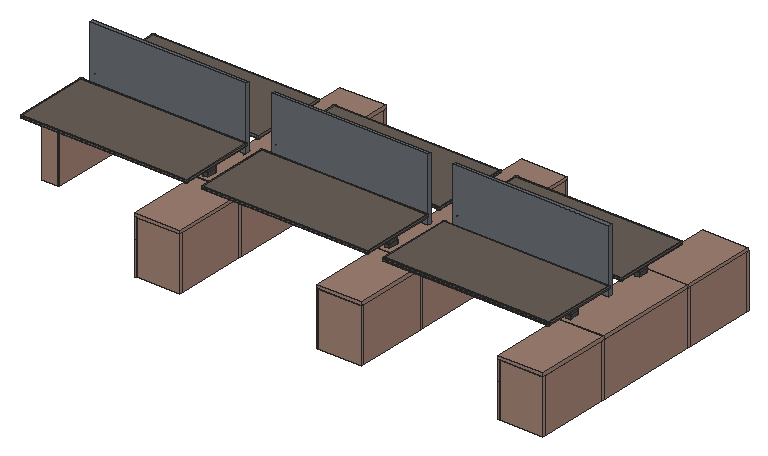
Revit family "T200198", category Furniture, Revit 2015 (continued)
Definition of nested family "STAKS HEIGHT ADJUSTABLE WORK GROUP CABINET Double Sided Dual User"
  Automatic sketch dimensions
    Extrusion 10 sketch curve to plane 16 = 0.00"
    Extrusion 10 sketch curve to plane 14 = 2.00"
    Extrusion 10 sketch curve to plane 16 = 0.125"  (x2)
    Extrusion 10 sketch curve to Extrusion 10 sketch curve = 3.50"
    Extrusion 10 sketch curve to Extrusion 10 sketch curve = 0.00"
    Extrusion 10 sketch curve to Extrusion 10 sketch curve = 0.125"
    Extrusion 11 sketch curve to plane 14 = 0.1875"
    Extrusion 11 sketch curve to plane 16 = 3.625"
    Extrusion 11 sketch curve to plane 16 = 0.1875"  (x2)
    Extrusion 11 sketch curve to plane 14 = 1.875"
    Extrusion 11 sketch curve to Extrusion 11 sketch curve = 0.0625"  (x3)
    Revolve 12 sketch curve to level = 0.00"
    plane 16 to Revolve 12 sketch curve = 0.00"
    Revolve 12 sketch curve to plane 12 = 0.00"  (x2)
    level to Revolve 12 sketch curve = 0.12502"
    Revolve 12 sketch curve to Revolve 12 sketch curve = 0.06202"
    Revolve 12 sketch curve to Revolve 12 sketch curve = 0.12498"
    Revolve 12 sketch curve to plane 16 = 0.188"  (x2)
    plane 12 to Revolve 12 sketch curve = 0.25"
    Revolve 13 sketch curve to level = 0.00"
    plane 15 to Revolve 13 sketch curve = 0.00"
    Revolve 13 sketch curve to plane 12 = 0.00"  (x2)
    level to Revolve 13 sketch curve = 0.25"
    Revolve 13 sketch curve to Revolve 13 sketch curve = 0.06202"
    Revolve 13 sketch curve to Revolve 13 sketch curve = 0.12498"
    plane 15 to Revolve 13 sketch curve = 0.188"  (x2)
    plane 12 to Revolve 13 sketch curve = 0.25"
    plane 14 to Extrusion 14 sketch curve = 0.00"
    Extrusion 14 sketch curve to plane 15 = 0.00"
    Extrusion 14 sketch curve to plane 14 = 0.125"
    plane 15 to Extrusion 14 sketch curve = 0.125"
    Extrusion 14 sketch curve to Extrusion 14 sketch curve = 3.50"
    Extrusion 14 sketch curve to Extrusion 14 sketch curve = 0.00"
    Extrusion 14 sketch curve to Extrusion 14 sketch curve = 0.125"
    Extrusion 14 sketch curve to Extrusion 14 sketch curve = 1.75"
    Extrusion 15 sketch curve to plane 14 = 0.1875"
    plane 15 to Extrusion 15 sketch curve = 3.625"
    Extrusion 15 sketch curve to plane 14 = 0.125"
    Extrusion 15 sketch curve to Extrusion 15 sketch curve = 0.0625"  (x2)
    plane 15 to Extrusion 15 sketch curve = 0.1875"  (x2)
    Extrusion 15 sketch curve to Extrusion 15 sketch curve = 1.625"
    Extrusion 16 sketch curve to plane 16 = 0.00"  (x2)
    plane 17 to Extrusion 16 sketch curve = 3.375"
    plane 16 to Extrusion 16 sketch curve = 0.125"
    Extrusion 16 sketch curve to plane 14 = 2.125"
    Extrusion 16 sketch curve to Extrusion 16 sketch curve = 3.75"  (x2)
    Extrusion 16 sketch curve to Extrusion 16 sketch curve = 0.125"
    Blend 17 sketch curve to plane 16 = 0.125"
    plane 17 to Blend 17 sketch curve = 2.125"
    Blend 17 sketch curve to Blend 17 sketch curve = 0.125"  (x4)
    Blend 17 sketch curve to Blend 17 sketch curve = 3.25"
    Blend 17 sketch curve to Blend 17 sketch curve = 0.00"
    Blend 17 sketch curve to plane 14 = 1.75"
    Blend 17 sketch curve to plane 16 = 0.00"  (x2)
    plane 17 to Blend 17 sketch curve = 3.375"
    plane 16 to Blend 17 sketch curve = 0.125"
    Blend 17 sketch curve to Blend 17 sketch curve = 3.75"  (x2)
    Blend 17 sketch curve to plane 14 = 2.00"
    Extrusion 18 sketch curve to plane 15 = 0.00"  (x2)
    Extrusion 18 sketch curve to plane 17 = 3.375"
    plane 15 to Extrusion 18 sketch curve = 0.125"
    plane 14 to Extrusion 18 sketch curve = 2.125"
    Extrusion 18 sketch curve to Extrusion 18 sketch curve = 3.75"  (x2)
    Extrusion 18 sketch curve to Extrusion 18 sketch curve = 0.125"
    Blend 19 sketch curve to plane 15 = 0.125"
    Blend 19 sketch curve to plane 17 = 2.125"
    Blend 19 sketch curve to Blend 19 sketch curve = 0.125"  (x4)
    Blend 19 sketch curve to Blend 19 sketch curve = 3.25"
    Blend 19 sketch curve to Blend 19 sketch curve = 0.00"
    plane 14 to Blend 19 sketch curve = 1.75"
    Blend 19 sketch curve to plane 15 = 0.00"  (x2)
    Blend 19 sketch curve to plane 17 = 3.375"
    plane 15 to Blend 19 sketch curve = 0.125"
    Blend 19 sketch curve to Blend 19 sketch curve = 3.75"  (x2)
    plane 14 to Blend 19 sketch curve = 2.00"
    Extrusion 20 sketch curve to plane 16 = 0.00"
    Extrusion 20 sketch curve to plane 16 = 0.125"  (x2)
    Extrusion 20 sketch curve to plane 18 = 0.75"
    Extrusion 20 sketch curve to Extrusion 20 sketch curve = 3.75"
    Extrusion 20 sketch curve to Extrusion 20 sketch curve = 0.00"
    Extrusion 20 sketch curve to Extrusion 20 sketch curve = 0.125"
    Extrusion 20 sketch curve to Extrusion 20 sketch curve = 1.75"
    Extrusion 21 sketch curve to plane 18 = 0.9375"
    Extrusion 21 sketch curve to plane 16 = 3.875"
    Extrusion 21 sketch curve to plane 18 = 0.875"
    Extrusion 21 sketch curve to Extrusion 21 sketch curve = 0.0625"  (x2)
    Extrusion 21 sketch curve to plane 16 = 0.1875"  (x2)
    Extrusion 21 sketch curve to Extrusion 21 sketch curve = 1.625"
    Revolve 22 sketch curve to level = 0.00"
    plane 16 to Revolve 22 sketch curve = 0.00"
    Revolve 22 sketch curve to plane 12 = 0.00"  (x2)
    level to Revolve 22 sketch curve = 0.25"
    Revolve 22 sketch curve to Revolve 22 sketch curve = 0.06202"
    Revolve 22 sketch curve to Revolve 22 sketch curve = 0.12498"
    Revolve 22 sketch curve to plane 16 = 0.188"  (x2)
    plane 12 to Revolve 22 sketch curve = 0.25"
    Revolve 23 sketch curve to level = 0.00"
    plane 15 to Revolve 23 sketch curve = 0.00"
    Revolve 23 sketch curve to plane 12 = 0.00"  (x2)
    level to Revolve 23 sketch curve = 0.12502"
    Revolve 23 sketch curve to plane 15 = 0.06202"
    Revolve 23 sketch curve to Revolve 23 sketch curve = 0.12498"
    plane 15 to Revolve 23 sketch curve = 0.188"  (x2)
    plane 12 to Revolve 23 sketch curve = 0.25"
    Extrusion 24 sketch curve to plane 15 = 0.00"
    Extrusion 24 sketch curve to plane 18 = 2.75"
    plane 15 to Extrusion 24 sketch curve = 0.125"  (x2)
    Extrusion 24 sketch curve to Extrusion 24 sketch curve = 3.50"
    Extrusion 24 sketch curve to plane 18 = 0.75"
    Extrusion 24 sketch curve to Extrusion 24 sketch curve = 0.00"
    Extrusion 24 sketch curve to Extrusion 24 sketch curve = 0.125"
    Extrusion 25 sketch curve to plane 18 = 0.9375"
    plane 15 to Extrusion 25 sketch curve = 3.625"
    plane 15 to Extrusion 25 sketch curve = 0.1875"  (x2)
    Extrusion 25 sketch curve to plane 18 = 2.625"
    Extrusion 25 sketch curve to Extrusion 25 sketch curve = 0.0625"  (x3)
    Extrusion 26 sketch curve to plane 16 = 0.00"  (x2)
    plane 1 "Center Front/Back" to Extrusion 26 sketch curve = 3.375"
    Extrusion 26 sketch curve to plane 16 = 0.125"
    Extrusion 26 sketch curve to Extrusion 26 sketch curve = 4.00"  (x2)
    Extrusion 26 sketch curve to Extrusion 26 sketch curve = 0.125"
    plane 18 to Extrusion 26 sketch curve = 2.75"
    plane 16 to Blend 27 sketch curve = 0.125"
    plane 1 "Center Front/Back" to Blend 27 sketch curve = 2.125"
    Blend 27 sketch curve to Blend 27 sketch curve = 0.125"  (x4)
    Blend 27 sketch curve to Blend 27 sketch curve = 3.50"
    Blend 27 sketch curve to Blend 27 sketch curve = 0.00"
    plane 18 to Blend 27 sketch curve = 2.50"
    Blend 27 sketch curve to plane 16 = 0.00"  (x2)
    plane 1 "Center Front/Back" to Blend 27 sketch curve = 3.375"
    Blend 27 sketch curve to plane 16 = 0.125"
    Blend 27 sketch curve to Blend 27 sketch curve = 4.00"  (x2)
    plane 18 to Blend 27 sketch curve = 2.75"
    Extrusion 28 sketch curve to plane 15 = 0.00"  (x2)
    Extrusion 28 sketch curve to plane 1 "Center Front/Back" = 3.375"
    Extrusion 28 sketch curve to Extrusion 28 sketch curve = 0.125"  (x2)
    Extrusion 28 sketch curve to Extrusion 28 sketch curve = 3.75"
    plane 15 to Extrusion 28 sketch curve = 3.75"
    Extrusion 28 sketch curve to plane 18 = 2.75"
    plane 15 to Blend 29 sketch curve = 0.125"
    Blend 29 sketch curve to plane 1 "Center Front/Back" = 2.125"
    Blend 29 sketch curve to Blend 29 sketch curve = 0.125"  (x4)
    Blend 29 sketch curve to Blend 29 sketch curve = 3.25"
    Blend 29 sketch curve to Blend 29 sketch curve = 0.00"
    Blend 29 sketch curve to plane 18 = 2.50"
    Blend 29 sketch curve to plane 15 = 0.00"  (x2)
    Blend 29 sketch curve to plane 1 "Center Front/Back" = 3.375"
    Blend 29 sketch curve to plane 15 = 0.125"
    Blend 29 sketch curve to Blend 29 sketch curve = 3.75"
    plane 15 to Blend 29 sketch curve = 3.75"
    Blend 29 sketch curve to plane 18 = 2.75"
Definition of nested family "STAKS FABRIC PRIVACY PANEL Tackable"
  Parameters (values of type "STAKS FABRIC PRIVACY PANEL Tackable for 66in Worksurfaces")
    Width = 64.00"
    URL = "http://www.ofs.com/"
    Height from Floor = 22.75"
    Height = 25.25"
    Model = "6-6425PP"
    Manufacturer = "OFS"
    Description = "OFS STAKS FABRIC PRIVACY PANEL Tackable Fabric Covered Panel For Use with 66\" Worksurfaces"
    Depth = 1.4375"
    Copyright © = "© 2018 OFS"
    Catalog = "https://ofs.com/products/open-plan/benching/staks"
    Authoring Version = "Autodesk Revit Architecture 2013"
    Assembly Code = "E2020200"
    Surface Material = none
  Types (5): name | Width | Model | Description
    (no name) | 64.00" | "6-6425PP" | "OFS STAKS FABRIC PRIVACY PANEL Tackable Fabric Covered Panel For Use with 66\" Worksurfaces"
    STAKS FABRIC PRIVACY PANEL Tackable for 54in Worksurfaces | 52.00" | "6-5225PP" | "OFS STAKS FABRIC PRIVACY PANEL Tackable Fabric Covered Panel For Use with 54\" Worksurfaces"
    STAKS FABRIC PRIVACY PANEL Tackable for 60in Worksurfaces | 58.00" | "6-5825PP" | "OFS STAKS FABRIC PRIVACY PANEL Tackable Fabric Covered Panel For Use with 60\" Worksurfaces"
    STAKS FABRIC PRIVACY PANEL Tackable for 66in Worksurfaces | 64.00" | "6-6425PP" | "OFS STAKS FABRIC PRIVACY PANEL Tackable Fabric Covered Panel For Use with 66\" Worksurfaces"
    STAKS FABRIC PRIVACY PANEL Tackable for 72in Worksurfaces | 70.00" | "6-7025PP" | "OFS STAKS FABRIC PRIVACY PANEL Tackable Fabric Covered Panel For Use with 72\" Worksurfaces"
  Reference planes (in)
    plane 1 "Center (Front/Back)": y = 0
    plane 2: z = 0
    plane 3 "Center (Left/Right)": x = 0
    plane 4: x = 32
    plane 5: x = -32
    plane 6: y = 0.71875
    plane 7: y = -0.71875
    plane 8: z = 22.75
    plane 9: z = 48
  Forms (in)
    Extrusion 1, solid, material <- "Surface Material"
      sketch origin (3.56329, 81.33771, 7) x (-1, 0, 0) y (0, -1, 0)
        loop
          line (35.56329, 80.61896) -> (35.56329, 82.05646) -> (-28.43671, 82.05646) -> (-28.43671, 80.61896) -> (35.56329, 80.61896)
      from 41 to 15.75
  Lines and regions (in)
    symbolic lines
      curve 1: line (-32, 0.71875, 0) -> (32, 0.71875, 0)
      curve 2: line (-32, -0.71875, 0) -> (-32, 0.71875, 0)
      curve 3: line (32, -0.71875, 0) -> (-32, -0.71875, 0)
      curve 4: line (32, 0.71875, 0) -> (32, -0.71875, 0)
  Dimensions and locks (in)
    equal spacing: plane 5, plane 3 "Center (Left/Right)", plane 4
    "Width": plane 5 to plane 4
    "Depth": plane 6 to plane 7
    equal spacing: plane 7, plane 1 "Center (Front/Back)", plane 6
    "Height": plane 9 to plane 8
    "Height from Floor": plane 8 to level
    aligned and locked: level to plane 2
    aligned and locked: plane 5 to Extrusion 1 sketch curve
    aligned and locked: Extrusion 1 sketch curve to plane 7
    aligned and locked: Extrusion 1 sketch curve to plane 6
    aligned and locked: Extrusion 1 sketch curve to plane 4
    aligned and locked: plane 9 to Extrusion 1
    aligned and locked: Extrusion 1 to plane 8
    aligned and locked: curve 2 to plane 5
    aligned and locked: curve 1 to Extrusion 1
    aligned and locked: curve 3 to Extrusion 1
    aligned and locked: curve 4 to plane 4
Definition of nested family "STAKS HEIGHT ADJUSTABLE WORKSURFACE"
  Parameters (values of type "STAKS HEIGHT ADJUSTABLE WORKSURFACE 66x30")
    Width = 66.00"
    Veneer Material = none
    URL = "http://www.ofs.com/"
    PVC Edge [instance] = not([3D Laminate])  # yes
    Height [instance] = 21.00"
    Edge Material = none
    Model = "6-6630HAWS"
    Manufacturer = "OFS"
    Description = "OFS STAKS HEIGHT ADJUSTABLE WORKSURFACE, 66\" Width x 30\" Depth Long Grain, Includes Height Adjustable Control, Switch and Cables"
    Depth = 30.00"
    Copyright © = "© 2018 OFS"
    Catalog = "https://ofs.com/products/open-plan/benching/staks"
    Authoring Version = "Autodesk Revit Architecture 2013"
    Assembly Code = "E2020200"
    3D Laminate Material = none
    3D Laminate [instance] = no
  Types (5): name | Width | Model | Description
    (no name) | 66.00" | "6-6630HAWS" | "OFS STAKS HEIGHT ADJUSTABLE WORKSURFACE, 66\" Width x 30\" Depth Long Grain, Includes Height Adjustable Control, Switch and Cables"
    STAKS HEIGHT ADJUSTABLE WORKSURFACE 54x30 | 54.00" | "6-5430HAWS" | "OFS STAKS HEIGHT ADJUSTABLE WORKSURFACE, 54\" Width x 30\" Depth Long Grain, Includes Height Adjustable Control, Switch and Cables"
    STAKS HEIGHT ADJUSTABLE WORKSURFACE 60x30 | 60.00" | "6-6030HAWS" | "OFS STAKS HEIGHT ADJUSTABLE WORKSURFACE, 60\" Width x 30\" Depth Long Grain, Includes Height Adjustable Control, Switch and Cables"
    STAKS HEIGHT ADJUSTABLE WORKSURFACE 66x30 | 66.00" | "6-6630HAWS" | "OFS STAKS HEIGHT ADJUSTABLE WORKSURFACE, 66\" Width x 30\" Depth Long Grain, Includes Height Adjustable Control, Switch and Cables"
    STAKS HEIGHT ADJUSTABLE WORKSURFACE 72x30 | 72.00" | "6-7230HAWS" | "OFS STAKS HEIGHT ADJUSTABLE WORKSURFACE, 72\" Width x 30\" Depth Long Grain, Includes Height Adjustable Control, Switch and Cables"
  Reference planes (in)
    plane 1 "Center (Front/Back)": y = 0
    plane 2: z = 0
    plane 3 "Center (Left/Right)": x = 0
    plane 4: x = 33
    plane 5: x = -33
    plane 6: y = 15
    plane 7: y = -15
    plane 8: z = 19.875
    plane 9: z = 21
  Forms (in)
    Extrusion 1, solid, material <- "3D Laminate Material", visible <- "3D Laminate"
      sketch origin (3.56329, 81.33771, 7) x (-1, 0, 0) y (0, -1, 0)
        loop
          line (36.56329, 66.33771) -> (36.56329, 96.33771) -> (-29.43671, 96.33771) -> (-29.43671, 66.33771) -> (36.56329, 66.33771)
      from 14 to 12.875
    Extrusion 2, solid, material <- "Veneer Material", visible <- "PVC Edge"
      sketch origin (3.56329, 81.33771, 3.5) x (-1, 0, 0) y (0, -1, 0)
        loop
          line (36.43829, 66.46271) -> (36.43829, 96.21271) -> (-29.31171, 96.21271) -> (-29.31171, 66.46271) -> (36.43829, 66.46271)
      from 17.5 to 16.375
    Sweep 3, solid, material <- "Edge Material", visible <- "PVC Edge"
      path origin (31.86692, 60.25439, 21) x (0, 1, 0) y (-1, 0, 0)
        loop
          line (-45.25439, 64.86692) -> (-75.25439, 64.86692) -> (-75.25439, -1.13308) -> (-45.25439, -1.13308) -> (-45.25439, 64.86692)
      profile origin (-33, 0, 21) x (1, 0, 0) y (0, 0, 1)
        loop
          arc (0, -1) -> (0.03661, -1.08839) -> (0.125, -1.125) r 0.125
          line (0.125, -1.125) -> (0.125, 0)
          arc (0.125, 0) -> (0.03661, -0.03661) -> (0, -0.125) r 0.125
          line (0, -0.125) -> (0, -1)
  Dimensions and locks (in)
    equal spacing: plane 5, plane 3 "Center (Left/Right)", plane 4
    "Width": plane 5 to plane 4
    "Depth": plane 6 to plane 7
    equal spacing: plane 7, plane 1 "Center (Front/Back)", plane 6
    locked: plane 9 to plane 8 at 1.125
    "Height": plane 9 to level
    aligned and locked: level to plane 2
    aligned and locked: Sweep 3 sketch curve to plane 5
    aligned and locked: Sweep 3 sketch curve to plane 6
    aligned and locked: Sweep 3 sketch curve to plane 7
    aligned and locked: Sweep 3 sketch curve to plane 4
    aligned and locked: Extrusion 2 sketch curve to Sweep 3  (x4)
    aligned and locked: Extrusion 1 sketch curve to plane 5
    aligned and locked: Extrusion 1 sketch curve to plane 7
    aligned and locked: Extrusion 1 sketch curve to plane 6
    aligned and locked: Extrusion 1 sketch curve to plane 4
    aligned and locked: plane 9 to Extrusion 1
    aligned and locked: plane 9 to Extrusion 2
    aligned and locked: plane 9 to Sweep 3
    aligned and locked: Extrusion 1 to plane 8
    aligned and locked: Extrusion 2 to plane 8
  Automatic sketch dimensions
    profile plane to Sweep 3 sketch curve = 0.00"
    Sweep 3 sketch curve to profile plane = 0.00"
    Sweep 3 sketch curve to profile plane = 0.125"
    Sweep 3 sketch curve to profile plane = 1.125"
Definition of nested family "STAKS CROSS RAIL BASIC POWER Double Sided Three Circuit"
  Parameters (values of type "STAKS CROSS RAIL BASIC POWER Double Sided Three Circuit 54in")
    Width = 48.00"
    URL = "http://www.ofs.com/"
    Surface Material = none
    Power Block Material = none
    Power Block Casing Material = none
    Model = "6-54PRB-4"
    Metal Conduit Material = none
    Manufacturer = "OFS"
    Height = 5.25"
    Duplex Receptacle Material = none
    Description = "OFS STAKS CROSS RAIL BASIC POWER for Use with 54\" Double Sided Height Adjustable Cabinets & Panel Bases, Three Circuit"
    Depth = 6.00"
    Copyright © = "© 2018 OFS"
    Catalog = "https://ofs.com/products/open-plan/benching/staks"
    Bracket Material = none
    Authoring Version = "Autodesk Revit Architecture 2013"
    Assembly Code = "E2020200"
  Types (5): name | Width | Model | Description
    (no name) | 48.00" | "6-54PRB-4" | "OFS STAKS CROSS RAIL BASIC POWER for Use with 54\" Double Sided Height Adjustable Cabinets & Panel Bases, Three Circuit"
    STAKS CROSS RAIL BASIC POWER Double Sided Three Circuit 54in | 48.00" | "6-54PRB-4" | "OFS STAKS CROSS RAIL BASIC POWER for Use with 54\" Double Sided Height Adjustable Cabinets & Panel Bases, Three Circuit"
    STAKS CROSS RAIL BASIC POWER Double Sided Three Circuit 60in | 54.00" | "6-60PRB-4" | "OFS STAKS CROSS RAIL BASIC POWER for Use with 60\" Double Sided Height Adjustable Cabinets & Panel Bases, Three Circuit"
    STAKS CROSS RAIL BASIC POWER Double Sided Three Circuit 66in | 60.00" | "6-66PRB-4" | "OFS STAKS CROSS RAIL BASIC POWER for Use with 66\" Double Sided Height Adjustable Cabinets & Panel Bases, Three Circuit"
    STAKS CROSS RAIL BASIC POWER Double Sided Three Circuit 72in | 66.00" | "6-72PRB-4" | "OFS STAKS CROSS RAIL BASIC POWER for Use with 72\" Double Sided Height Adjustable Cabinets & Panel Bases, Three Circuit"
  Reference planes (in)
    plane 1 "Center (Front/Back)": y = 0
    plane 2: z = 0
    plane 3 "Center (Left/Right)": x = 0
    plane 4: z = 21.67035
    plane 5: z = 27.87507
    plane 6: x = -19.50147
    plane 7: x = -17.03389
    plane 8: x = -15.9687
    plane 9: x = -14.91102
    plane 10: x = -18.08898
    plane 11: x = -7.4956
    plane 12: x = -9.96318
    plane 13: x = -11.02837
    plane 14: x = -12.08605
    plane 15: x = -8.90809
    plane 16: x = -24
    plane 17: x = -3
    plane 18: x = -20.08661
    plane 19: z = 17.34957
    plane 20: x = -21.08661
    plane 21: x = -13.49853
    plane 22: x = -6.91045
    plane 23: x = -5.91045
    plane 24: x = 19.50147
    plane 25: x = 17.03389
    plane 26: x = 15.9687
    plane 27: x = 14.91102
    plane 28: x = 18.08898
    plane 29: x = 7.4956
    plane 30: x = 9.96318
    plane 31: x = 11.02837
    plane 32: x = 12.08605
    plane 33: x = 8.90809
    plane 34: x = 24
    plane 35: x = 3
    plane 36: x = 20.08661
    plane 37: x = 21.08661
    plane 38: x = 13.49853
    plane 39: x = 6.91045
    plane 40: x = 5.91045
    plane 41: x = 8.2456
    plane 42: x = -8.2456
    plane 43: x = 7.4956
    plane 44: x = -7.4956
    plane 45: x = -6.95298
    plane 46: x = -5.82454
    plane 47: x = -4.74522
    plane 48: x = 6.95298
    plane 49: x = 5.82454
    plane 50: x = 4.74522
    plane 51: y = 3
    plane 52: y = -3
    plane 53: y = 2
    plane 54: y = -2
    plane 55: z = 22.5
    plane 56: z = 21.75
    plane 57: z = 20.75
    plane 58: x = 0.5
    plane 59: x = -0.5
  Forms (in)
    Extrusion 1, solid, material <- "Power Block Material"
      sketch origin (-38.7456, 0, -7.21714) x (-1, 0, 0) y (0, 0, -1)
        loop
          line (-29.43829, -26.82737) -> (-27.05878, -26.82737)
          arc (-27.05878, -26.82737) -> (-26.91515, -26.76787) -> (-26.85565, -26.62424) r 0.20313
          line (-26.85565, -26.62424) -> (-26.85565, -26.53164)
          arc (-26.85565, -26.53164) -> (-26.71755, -26.47993) -> (-26.65956, -26.34434) r 0.1875
          line (-26.65956, -26.34434) -> (-26.65956, -25.86145)
          arc (-26.65956, -25.86145) -> (-26.71755, -25.72587) -> (-26.85565, -25.67415) r 0.1875
          line (-26.85565, -25.67415) -> (-26.85565, -25.58155)
          arc (-26.85565, -25.58155) -> (-26.91515, -25.43792) -> (-27.05878, -25.37842) r 0.20313
          line (-27.05878, -25.37842) -> (-29.43829, -25.37842)
          arc (-29.43829, -25.37842) -> (-29.58192, -25.43792) -> (-29.64141, -25.58155) r 0.20313
          line (-29.64141, -25.58155) -> (-29.64141, -25.67415)
          arc (-29.64141, -25.67415) -> (-29.77952, -25.72587) -> (-29.83751, -25.86145) r 0.1875
          line (-29.83751, -25.86145) -> (-29.83751, -26.34434)
          arc (-29.83751, -26.34434) -> (-29.77952, -26.47993) -> (-29.64141, -26.53164) r 0.1875
          line (-29.64141, -26.53164) -> (-29.64141, -26.62424)
          arc (-29.64141, -26.62424) -> (-29.58192, -26.76787) -> (-29.43829, -26.82737) r 0.20313
        loop
          arc (-29.43829, -25.44092) -> (-29.53773, -25.48211) -> (-29.57891, -25.58155) r 0.14063
          line (-29.57891, -25.58155) -> (-29.57891, -25.68958)
          arc (-29.57891, -25.68958) -> (-29.59504, -25.72496) -> (-29.63257, -25.73768) r 0.04688
          arc (-29.63257, -25.73768) -> (-29.732, -25.7671) -> (-29.77501, -25.86145) r 0.125
          line (-29.77501, -25.86145) -> (-29.77501, -26.34434)
          arc (-29.77501, -26.34434) -> (-29.732, -26.43869) -> (-29.63233, -26.4698) r 0.125
          arc (-29.63233, -26.4698) -> (-29.59504, -26.48083) -> (-29.57891, -26.51622) r 0.04688
          line (-29.57891, -26.51622) -> (-29.57891, -26.62424)
          arc (-29.57891, -26.62424) -> (-29.53773, -26.72368) -> (-29.43829, -26.76487) r 0.14063
          line (-29.43829, -26.76487) -> (-27.05878, -26.76487)
          arc (-27.05878, -26.76487) -> (-26.95934, -26.72368) -> (-26.91815, -26.62424) r 0.14063
          line (-26.91815, -26.62424) -> (-26.91815, -26.51622)
          arc (-26.91815, -26.51622) -> (-26.90202, -26.48083) -> (-26.8645, -26.46812) r 0.04688
          arc (-26.8645, -26.46812) -> (-26.76507, -26.43869) -> (-26.72206, -26.34434) r 0.125
          line (-26.72206, -26.34434) -> (-26.72206, -25.86145)
          arc (-26.72206, -25.86145) -> (-26.76507, -25.7671) -> (-26.86474, -25.73599) r 0.125
          arc (-26.86474, -25.73599) -> (-26.90202, -25.72496) -> (-26.91815, -25.68958) r 0.04688
          line (-26.91815, -25.68958) -> (-26.91815, -25.58155)
          arc (-26.91815, -25.58155) -> (-26.95934, -25.48211) -> (-27.05878, -25.44092) r 0.14063
          line (-27.05878, -25.44092) -> (-29.43829, -25.44092)
      from -0.39166 to 0.39063
    Extrusion 2, solid, material <- "Power Block Material"
      sketch origin (-38.7456, 0, -7.21714) x (-1, 0, 0) y (0, 0, -1)
        loop
          circle (-28.24853, -26.1029) r 0.0625
      from -0.74219 to 0.74219
    Extrusion 3, solid, material <- "Power Block Material"
      sketch origin (-38.7456, 0, -7.21714) x (0, 1, 0) y (0, 0, -1)
        loop
          line (0.1644, -27.50689) -> (0.6465, -27.24063)
          arc (0.6465, -27.24063) -> (0.73054, -27.04793) -> (0.56603, -26.91703) r 0.17257
          line (0.56603, -26.91703) -> (0, -26.90734) -> (-0.56603, -26.91703)
          arc (-0.56603, -26.91703) -> (-0.73054, -27.04793) -> (-0.6465, -27.24063) r 0.17257
          line (-0.6465, -27.24063) -> (-0.1644, -27.50689) -> (-0.10561, -27.41333) -> (-0.61836, -27.21311)
          arc (-0.61836, -27.21311) -> (-0.67504, -27.11429) -> (-0.59061, -27.03781) r 0.09084
          line (-0.59061, -27.03781) -> (0, -27.00335) -> (0.59061, -27.03781)
          arc (0.59061, -27.03781) -> (0.67504, -27.11429) -> (0.61836, -27.21311) r 0.09084
          line (0.61836, -27.21311) -> (0.10561, -27.41333) -> (0.1644, -27.50689)
      from -28.78242 to -27.71724
    Extrusion 4, solid, material <- "Power Block Material"
      sketch origin (-38.7456, 0, -7.21714) x (-1, 0, 0) y (0, 0, -1)
        loop
          arc (-29.72129, -27.26478) -> (-29.65664, -27.20013) -> (-29.72129, -27.13548) r 0.06465
          line (-29.72129, -27.13548) -> (-30.0026, -27.13548) -> (-30.0026, -26.98885) -> (-29.57923, -26.98885)
          arc (-29.57923, -26.98885) -> (-29.52695, -26.93658) -> (-29.57923, -26.8843) r 0.05228
          line (-29.57923, -26.8843) -> (-30.17424, -26.8843)
          arc (-30.17424, -26.8843) -> (-30.20204, -26.89741) -> (-30.20961, -26.92721) r 0.03604
          line (-30.20961, -26.92721) -> (-30.1526, -27.22052)
          arc (-30.1526, -27.22052) -> (-30.1337, -27.25229) -> (-30.0989, -27.26478) r 0.05471
          line (-30.0989, -27.26478) -> (-29.72129, -27.26478)
      from -0.64167 to 0.64063
    Extrusion 5, solid, material <- "Power Block Material"
      sketch origin (-26.74594, 0, -7.21714) x (1, 0, 0) y (0, 0, 1)
        loop
          line (14.77871, 27.26478) -> (14.4011, 27.26478)
          arc (14.4011, 27.26478) -> (14.3663, 27.25229) -> (14.3474, 27.22052) r 0.05471
          line (14.3474, 27.22052) -> (14.29039, 26.92721)
          arc (14.29039, 26.92721) -> (14.29796, 26.89741) -> (14.32576, 26.8843) r 0.03604
          line (14.32576, 26.8843) -> (14.92077, 26.8843)
          arc (14.92077, 26.8843) -> (14.97305, 26.93658) -> (14.92077, 26.98885) r 0.05228
          line (14.92077, 26.98885) -> (14.4974, 26.98885) -> (14.4974, 27.13548) -> (14.77871, 27.13548)
          arc (14.77871, 27.13548) -> (14.84336, 27.20013) -> (14.77871, 27.26478) r 0.06465
      from -0.64167 to 0.64063
    Extrusion 6, solid, material <- "Power Block Material"
      sketch origin (-44.74552, 0, -7.21714) x (-1, 0, 0) y (0, 0, -1)
        loop
          line (-36.878, -27.11384) -> (-36.70792, -26.1029) -> (-36.878, -25.09195) -> (-37.24991, -25.09195) -> (-37.24991, -27.11384) -> (-36.878, -27.11384)
      from -0.31166 to 0.3125
    Extrusion 7, solid, material <- "Power Block Material"
      sketch origin (-8.74862, 0, -7.21714) x (1, 0, 0) y (0, 0, 1)
        loop
          line (-4.378, 27.11384) -> (-4.74991, 27.11384) -> (-4.74991, 25.09195) -> (-4.378, 25.09195) -> (-4.20792, 26.1029) -> (-4.378, 27.11384)
      from -0.31166 to 0.3125
    Extrusion 8, solid, material <- "Power Block Material"
      sketch origin (-26.74707, 0, -7.21714) x (-1, 0, 0) y (0, 0, -1)
        loop
          line (-18.19584, -25.14782) -> (-18.28839, -25.56074) -> (-19.25147, -25.56074) -> (-19.25147, -26.64509) -> (-18.30793, -26.64509) -> (-18.19637, -27.0029) -> (-14.30363, -27.0029) -> (-14.19207, -26.64509) -> (-13.24853, -26.64509) -> (-13.24853, -25.56074) -> (-14.21161, -25.56074) -> (-14.30416, -25.14782) -> (-18.19584, -25.14782)
      from -0.22266 to 0.22334
    Extrusion 9, solid, material <- "Bracket Material"
      sketch origin (-29.75, 0, -4) x (1, 0, 0) y (0, 0, 1)
        loop
          arc (20.5925, 24.54741) -> (20.55649, 24.63434) -> (20.46956, 24.67035) r 0.12294
          line (20.46956, 24.67035) -> (18.03044, 24.67035)
          arc (18.03044, 24.67035) -> (17.94351, 24.63434) -> (17.9075, 24.54741) r 0.12294
          line (17.9075, 24.54741) -> (17.9075, 23.89535) -> (17.51946, 23.89535) -> (17.51946, 23.79535) -> (17.88796, 23.79535)
          arc (17.88796, 23.79535) -> (17.97259, 23.8304) -> (18.00764, 23.91503) r 0.11968
          line (18.00764, 23.91503) -> (18.00764, 24.57035) -> (20.49236, 24.57035) -> (20.49236, 23.91503)
          arc (20.49236, 23.91503) -> (20.52741, 23.8304) -> (20.61204, 23.79535) r 0.11968
          line (20.61204, 23.79535) -> (20.98054, 23.79535) -> (20.98054, 23.89535) -> (20.5925, 23.89535) -> (20.5925, 24.54741)
      from -0.5 to 0.5
    Extrusion 10, solid, material <- "Power Block Material"
      sketch origin (38.7456, 0, -7.21714) x (1, 0, 0) y (0, 0, 1)
        loop
          arc (-29.43829, 26.82737) -> (-29.58192, 26.76787) -> (-29.64141, 26.62424) r 0.20313
          line (-29.64141, 26.62424) -> (-29.64141, 26.53164)
          arc (-29.64141, 26.53164) -> (-29.77952, 26.47993) -> (-29.83751, 26.34434) r 0.1875
          line (-29.83751, 26.34434) -> (-29.83751, 25.86145)
          arc (-29.83751, 25.86145) -> (-29.77952, 25.72587) -> (-29.64141, 25.67415) r 0.1875
          line (-29.64141, 25.67415) -> (-29.64141, 25.58155)
          arc (-29.64141, 25.58155) -> (-29.58192, 25.43792) -> (-29.43829, 25.37842) r 0.20313
          line (-29.43829, 25.37842) -> (-27.05878, 25.37842)
          arc (-27.05878, 25.37842) -> (-26.91515, 25.43792) -> (-26.85565, 25.58155) r 0.20313
          line (-26.85565, 25.58155) -> (-26.85565, 25.67415)
          arc (-26.85565, 25.67415) -> (-26.71755, 25.72587) -> (-26.65956, 25.86145) r 0.1875
          line (-26.65956, 25.86145) -> (-26.65956, 26.34434)
          arc (-26.65956, 26.34434) -> (-26.71755, 26.47993) -> (-26.85565, 26.53164) r 0.1875
          line (-26.85565, 26.53164) -> (-26.85565, 26.62424)
          arc (-26.85565, 26.62424) -> (-26.91515, 26.76787) -> (-27.05878, 26.82737) r 0.20313
          line (-27.05878, 26.82737) -> (-29.43829, 26.82737)
        loop
          line (-29.43829, 25.44092) -> (-27.05878, 25.44092)
          arc (-27.05878, 25.44092) -> (-26.95934, 25.48211) -> (-26.91815, 25.58155) r 0.14063
          line (-26.91815, 25.58155) -> (-26.91815, 25.68958)
          arc (-26.91815, 25.68958) -> (-26.90202, 25.72496) -> (-26.86474, 25.73599) r 0.04688
          arc (-26.86474, 25.73599) -> (-26.76507, 25.7671) -> (-26.72206, 25.86145) r 0.125
          line (-26.72206, 25.86145) -> (-26.72206, 26.34434)
          arc (-26.72206, 26.34434) -> (-26.76507, 26.43869) -> (-26.8645, 26.46812) r 0.125
          arc (-26.8645, 26.46812) -> (-26.90202, 26.48083) -> (-26.91815, 26.51622) r 0.04688
          line (-26.91815, 26.51622) -> (-26.91815, 26.62424)
          arc (-26.91815, 26.62424) -> (-26.95934, 26.72368) -> (-27.05878, 26.76487) r 0.14063
          line (-27.05878, 26.76487) -> (-29.43829, 26.76487)
          arc (-29.43829, 26.76487) -> (-29.53773, 26.72368) -> (-29.57891, 26.62424) r 0.14063
          line (-29.57891, 26.62424) -> (-29.57891, 26.51622)
          arc (-29.57891, 26.51622) -> (-29.59504, 26.48083) -> (-29.63233, 26.4698) r 0.04688
          arc (-29.63233, 26.4698) -> (-29.732, 26.43869) -> (-29.77501, 26.34434) r 0.125
          line (-29.77501, 26.34434) -> (-29.77501, 25.86145)
          arc (-29.77501, 25.86145) -> (-29.732, 25.7671) -> (-29.63257, 25.73768) r 0.125
          arc (-29.63257, 25.73768) -> (-29.59504, 25.72496) -> (-29.57891, 25.68958) r 0.04688
          line (-29.57891, 25.68958) -> (-29.57891, 25.58155)
          arc (-29.57891, 25.58155) -> (-29.53773, 25.48211) -> (-29.43829, 25.44092) r 0.14063
      from -0.39166 to 0.39063
    Extrusion 11, solid, material <- "Power Block Material"
      sketch origin (38.7456, 0, -7.21714) x (1, 0, 0) y (0, 0, 1)
        loop
          circle (-28.24853, 26.1029) r 0.0625
      from -0.74219 to 0.74219
    Extrusion 12, solid, material <- "Power Block Material"
      sketch origin (38.7456, 0, -7.21714) x (0, 1, 0) y (0, 0, 1)
        loop
          line (0.1644, 27.50689) -> (0.10561, 27.41333) -> (0.61836, 27.21311)
          arc (0.61836, 27.21311) -> (0.67504, 27.11429) -> (0.59061, 27.03781) r 0.09084
          line (0.59061, 27.03781) -> (0, 27.00335) -> (-0.59061, 27.03781)
          arc (-0.59061, 27.03781) -> (-0.67504, 27.11429) -> (-0.61836, 27.21311) r 0.09084
          line (-0.61836, 27.21311) -> (-0.10561, 27.41333) -> (-0.1644, 27.50689) -> (-0.6465, 27.24063)
          arc (-0.6465, 27.24063) -> (-0.73054, 27.04793) -> (-0.56603, 26.91703) r 0.17257
          line (-0.56603, 26.91703) -> (0, 26.90734) -> (0.56603, 26.91703)
          arc (0.56603, 26.91703) -> (0.73054, 27.04793) -> (0.6465, 27.24063) r 0.17257
          line (0.6465, 27.24063) -> (0.1644, 27.50689)
      from -28.78242 to -27.71724
    Extrusion 13, solid, material <- "Power Block Material"
      sketch origin (38.7456, 0, -7.21714) x (1, 0, 0) y (0, 0, 1)
        loop
          line (-29.72129, 27.26478) -> (-30.0989, 27.26478)
          arc (-30.0989, 27.26478) -> (-30.1337, 27.25229) -> (-30.1526, 27.22052) r 0.05471
          line (-30.1526, 27.22052) -> (-30.20961, 26.92721)
          arc (-30.20961, 26.92721) -> (-30.20204, 26.89741) -> (-30.17424, 26.8843) r 0.03604
          line (-30.17424, 26.8843) -> (-29.57923, 26.8843)
          arc (-29.57923, 26.8843) -> (-29.52695, 26.93658) -> (-29.57923, 26.98885) r 0.05228
          line (-29.57923, 26.98885) -> (-30.0026, 26.98885) -> (-30.0026, 27.13548) -> (-29.72129, 27.13548)
          arc (-29.72129, 27.13548) -> (-29.65664, 27.20013) -> (-29.72129, 27.26478) r 0.06465
      from -0.64167 to 0.64063
    Extrusion 14, solid, material <- "Power Block Material"
      sketch origin (26.74594, 0, -7.21714) x (-1, 0, 0) y (0, 0, -1)
        loop
          arc (14.77871, -27.26478) -> (14.84336, -27.20013) -> (14.77871, -27.13548) r 0.06465
          line (14.77871, -27.13548) -> (14.4974, -27.13548) -> (14.4974, -26.98885) -> (14.92077, -26.98885)
          arc (14.92077, -26.98885) -> (14.97305, -26.93658) -> (14.92077, -26.8843) r 0.05228
          line (14.92077, -26.8843) -> (14.32576, -26.8843)
          arc (14.32576, -26.8843) -> (14.29796, -26.89741) -> (14.29039, -26.92721) r 0.03604
          line (14.29039, -26.92721) -> (14.3474, -27.22052)
          arc (14.3474, -27.22052) -> (14.3663, -27.25229) -> (14.4011, -27.26478) r 0.05471
          line (14.4011, -27.26478) -> (14.77871, -27.26478)
      from -0.64167 to 0.64063
    Extrusion 15, solid, material <- "Power Block Material"
      sketch origin (44.74552, 0, -7.21714) x (1, 0, 0) y (0, 0, 1)
        loop
          line (-36.878, 27.11384) -> (-37.24991, 27.11384) -> (-37.24991, 25.09195) -> (-36.878, 25.09195) -> (-36.70792, 26.1029) -> (-36.878, 27.11384)
      from -0.31166 to 0.3125
    Extrusion 16, solid, material <- "Power Block Material"
      sketch origin (8.74862, 0, -7.21714) x (-1, 0, 0) y (0, 0, -1)
        loop
          line (-4.378, -27.11384) -> (-4.20792, -26.1029) -> (-4.378, -25.09195) -> (-4.74991, -25.09195) -> (-4.74991, -27.11384) -> (-4.378, -27.11384)
      from -0.31166 to 0.3125
    Extrusion 17, solid, material <- "Power Block Material"
      sketch origin (26.74707, 0, -7.21714) x (1, 0, 0) y (0, 0, 1)
        loop
          line (-18.19584, 25.14782) -> (-14.30416, 25.14782) -> (-14.21161, 25.56074) -> (-13.24853, 25.56074) -> (-13.24853, 26.64509) -> (-14.19207, 26.64509) -> (-14.30363, 27.0029) -> (-18.19637, 27.0029) -> (-18.30793, 26.64509) -> (-19.25147, 26.64509) -> (-19.25147, 25.56074) -> (-18.28839, 25.56074) -> (-18.19584, 25.14782)
      from -0.22266 to 0.22334
    Extrusion 18, solid, material <- "Bracket Material"
      sketch origin (29.75, 0, -4) x (-1, 0, 0) y (0, 0, -1)
        loop
          line (20.5925, -24.54741) -> (20.5925, -23.89535) -> (20.98054, -23.89535) -> (20.98054, -23.79535) -> (20.61204, -23.79535)
          arc (20.61204, -23.79535) -> (20.52741, -23.8304) -> (20.49236, -23.91503) r 0.11968
          line (20.49236, -23.91503) -> (20.49236, -24.57035) -> (18.00764, -24.57035) -> (18.00764, -23.91503)
          arc (18.00764, -23.91503) -> (17.97259, -23.8304) -> (17.88796, -23.79535) r 0.11968
          line (17.88796, -23.79535) -> (17.51946, -23.79535) -> (17.51946, -23.89535) -> (17.9075, -23.89535) -> (17.9075, -24.54741)
          arc (17.9075, -24.54741) -> (17.94351, -24.63434) -> (18.03044, -24.67035) r 0.12294
          line (18.03044, -24.67035) -> (20.46956, -24.67035)
          arc (20.46956, -24.67035) -> (20.55649, -24.63434) -> (20.5925, -24.54741) r 0.12294
      from -0.5 to 0.5
    Extrusion 19, solid, material <- "Duplex Receptacle Material"
      sketch origin (0, 0, -7.21633) x (1, 0, 0) y (0, 0, 1)
        loop
          line (-7.1328, 27.11305) -> (-7.4956, 27.11305) -> (-7.4956, 25.09116) -> (-7.1328, 25.09116)
          arc (-7.1328, 25.09116) -> (-6.95294, 26.10211) -> (-7.1328, 27.11305) r 2.93108
      from -0.3125 to 0.3125
    Extrusion 20, solid, material <- "Duplex Receptacle Material"
      sketch origin (0, 0, -7.21633) x (1, 0, 0) y (0, 0, 1)
        loop
          line (-4.9204, 27.11305) -> (-5.64994, 27.11305)
          arc (-5.64994, 27.11305) -> (-5.70183, 26.10211) -> (-5.64994, 25.09116) r 9.87253
          line (-5.64994, 25.09116) -> (-4.9204, 25.09116)
          arc (-4.9204, 25.09116) -> (-4.74522, 26.10211) -> (-4.9204, 27.11305) r 3.00461
      from -0.375 to 0.375
    Extrusion 21, solid, material <- "Metal Conduit Material"
      sketch origin (0, 0, -7.21633) x (1, 0, 0) y (0, 0, 1)
        loop
          line (-7.9956, 26.66461) -> (-7.9956, 26.47711) -> (-7.4956, 26.47711) -> (-7.4956, 26.66461) -> (-7.9956, 26.66461)
        loop
          line (-7.9956, 26.43023) -> (-7.9956, 26.24273) -> (-7.4956, 26.24273) -> (-7.4956, 26.43023) -> (-7.9956, 26.43023)
        loop
          line (-7.9956, 26.19586) -> (-7.9956, 26.00836) -> (-7.4956, 26.00836) -> (-7.4956, 26.19586) -> (-7.9956, 26.19586)
        loop
          line (-7.9956, 25.96148) -> (-7.9956, 25.77398) -> (-7.4956, 25.77398) -> (-7.4956, 25.96148) -> (-7.9956, 25.96148)
        loop
          line (-7.9956, 25.72711) -> (-7.9956, 25.53961) -> (-7.4956, 25.53961) -> (-7.4956, 25.72711) -> (-7.9956, 25.72711)
        loop
          line (-8.2456, 26.78961) -> (-7.4956, 26.78961) -> (-7.4956, 26.85211) -> (-7.9956, 26.85211) -> (-7.9956, 26.91461)
          arc (-7.9956, 26.91461) -> (-8.13244, 26.87579) -> (-8.2456, 26.78961) r 0.38203
        loop
          arc (-8.2456, 25.41461) -> (-8.13244, 25.32842) -> (-7.9956, 25.28961) r 0.38203
          line (-7.9956, 25.28961) -> (-7.9956, 25.35211) -> (-7.4956, 25.35211) -> (-7.4956, 25.41461) -> (-8.2456, 25.41461)
      from -0.1875 to 0.1875
    Extrusion 22, solid, material <- "Duplex Receptacle Material"
      sketch origin (0, 0, -7.21633) x (1, 0, 0) y (0, 0, 1)
        loop
          line (-5.67511, 27.03961) -> (-7.10692, 27.03961)
          arc (-7.10692, 27.03961) -> (-6.95294, 26.10211) -> (-7.10692, 25.16461) r 2.93108
          line (-7.10692, 25.16461) -> (-5.67511, 25.16461)
          arc (-5.67511, 25.16461) -> (-5.71965, 26.10211) -> (-5.67511, 27.03961) r 9.89034
      from -0.21875 to 0.21875
    Extrusion 23, solid, material <- "Duplex Receptacle Material"
      sketch origin (0, 0, -7.21633) x (-1, 0, 0) y (0, 0, -1)
        loop
          arc (-7.1328, -27.11305) -> (-6.95294, -26.10211) -> (-7.1328, -25.09116) r 2.93108
          line (-7.1328, -25.09116) -> (-7.4956, -25.09116) -> (-7.4956, -27.11305) -> (-7.1328, -27.11305)
      from -0.3125 to 0.3125
    Extrusion 24, solid, material <- "Duplex Receptacle Material"
      sketch origin (0, 0, -7.21633) x (-1, 0, 0) y (0, 0, -1)
        loop
          arc (-4.9204, -27.11305) -> (-4.74522, -26.10211) -> (-4.9204, -25.09116) r 3.00461
          line (-4.9204, -25.09116) -> (-5.64994, -25.09116)
          arc (-5.64994, -25.09116) -> (-5.70183, -26.10211) -> (-5.64994, -27.11305) r 9.87253
          line (-5.64994, -27.11305) -> (-4.9204, -27.11305)
      from -0.375 to 0.375
    Extrusion 25, solid, material <- "Metal Conduit Material"
      sketch origin (0, 0, -7.21633) x (-1, 0, 0) y (0, 0, -1)
        loop
          line (-7.9956, -26.66461) -> (-7.4956, -26.66461) -> (-7.4956, -26.47711) -> (-7.9956, -26.47711) -> (-7.9956, -26.66461)
        loop
          line (-7.9956, -26.43023) -> (-7.4956, -26.43023) -> (-7.4956, -26.24273) -> (-7.9956, -26.24273) -> (-7.9956, -26.43023)
        loop
          line (-7.9956, -26.19586) -> (-7.4956, -26.19586) -> (-7.4956, -26.00836) -> (-7.9956, -26.00836) -> (-7.9956, -26.19586)
        loop
          line (-7.9956, -25.96148) -> (-7.4956, -25.96148) -> (-7.4956, -25.77398) -> (-7.9956, -25.77398) -> (-7.9956, -25.96148)
        loop
          line (-7.9956, -25.72711) -> (-7.4956, -25.72711) -> (-7.4956, -25.53961) -> (-7.9956, -25.53961) -> (-7.9956, -25.72711)
        loop
          arc (-8.2456, -26.78961) -> (-8.13244, -26.87579) -> (-7.9956, -26.91461) r 0.38203
          line (-7.9956, -26.91461) -> (-7.9956, -26.85211) -> (-7.4956, -26.85211) -> (-7.4956, -26.78961) -> (-8.2456, -26.78961)
        loop
          line (-8.2456, -25.41461) -> (-7.4956, -25.41461) -> (-7.4956, -25.35211) -> (-7.9956, -25.35211) -> (-7.9956, -25.28961)
          arc (-7.9956, -25.28961) -> (-8.13244, -25.32842) -> (-8.2456, -25.41461) r 0.38203
      from -0.1875 to 0.1875
    Extrusion 26, solid, material <- "Duplex Receptacle Material"
      sketch origin (0, 0, -7.21633) x (-1, 0, 0) y (0, 0, -1)
        loop
          arc (-5.67511, -27.03961) -> (-5.71965, -26.10211) -> (-5.67511, -25.16461) r 9.89034
          line (-5.67511, -25.16461) -> (-7.10692, -25.16461)
          arc (-7.10692, -25.16461) -> (-6.95294, -26.10211) -> (-7.10692, -27.03961) r 2.93108
          line (-7.10692, -27.03961) -> (-5.67511, -27.03961)
      from -0.21875 to 0.21875
    Extrusion 27, solid, material <- "Metal Conduit Material"
      sketch origin (0, 0, -7.21633) x (0, 1, 0) y (0, 0, 1)
        loop
          spline (0, 25.62489) -> (0.05662, 25.64115) -> (0.10938, 25.68882) -> (0.15468, 25.76466) -> (0.18944, 25.8635) -> (0.2113, 25.97859) -> (0.21875, 26.10211) -> (0.2113, 26.22562) -> (0.18944, 26.34072) -> (0.15468, 26.43955) -> (0.10938, 26.51539) -> (0.05662, 26.56307) -> (0, 26.57933)
          spline (0, 26.57933) -> (-0.05662, 26.56307) -> (-0.10937, 26.51539) -> (-0.15468, 26.43955) -> (-0.18944, 26.34072) -> (-0.2113, 26.22562) -> (-0.21875, 26.10211) -> (-0.2113, 25.97859) -> (-0.18944, 25.8635) -> (-0.15468, 25.76466) -> (-0.10937, 25.68882) -> (-0.05662, 25.64115) -> (0, 25.62489)
      from -4.74522 to 4.74522
    Extrusion 28, solid, material <- "Bracket Material"
      sketch origin (-50.50488, -2.60899, -4) x (-1, 0, 0) y (0, -1, 0)
        loop
          line (-41.45406, -1.76899) -> (-41.56407, -1.76899)
          arc (-41.56407, -1.76899) -> (-41.69842, -1.82464) -> (-41.75407, -1.95899) r 0.19
          line (-41.75407, -1.95899) -> (-41.75407, -3.25899)
          arc (-41.75407, -3.25899) -> (-41.69842, -3.39334) -> (-41.56407, -3.44899) r 0.19
          line (-41.56407, -3.44899) -> (-41.45406, -3.44899) -> (-41.45406, -1.76899)
      from 23.79535 to 23.89535
    Extrusion 29, solid, material <- "Bracket Material"
      sketch origin (3.51075, -2.60899, -4) x (1, 0, 0) y (0, 1, 0)
        loop
          line (-15.45406, 1.76899) -> (-15.45406, 3.44899) -> (-15.56407, 3.44899)
          arc (-15.56407, 3.44899) -> (-15.69842, 3.39334) -> (-15.75407, 3.25899) r 0.19
          line (-15.75407, 3.25899) -> (-15.75407, 1.95899)
          arc (-15.75407, 1.95899) -> (-15.69842, 1.82464) -> (-15.56407, 1.76899) r 0.19
          line (-15.56407, 1.76899) -> (-15.45406, 1.76899)
      from 23.79535 to 23.89535
    Extrusion 30, void
      sketch origin (-50.49707, 0.175, -4) x (-1, 0, 0) y (0, -1, 0)
        loop
          line (-40.53389, 0) -> (-39.4687, 0)
          arc (-39.4687, 0) -> (-39.38031, 0.03661) -> (-39.3437, 0.125) r 0.125
          line (-39.3437, 0.125) -> (-39.3437, 0.82853) -> (-40.65889, 0.82853) -> (-40.65889, 0.125)
          arc (-40.65889, 0.125) -> (-40.62228, 0.03661) -> (-40.53389, 0) r 0.125
      from 24.43427 to 24.79317
    Extrusion 31, solid, material <- "Bracket Material"
      sketch origin (39.50552, 0, -4) x (0, 1, 0) y (0, 0, -1)
        loop
          line (0.05, -24.13481) -> (-0.05, -24.13481) -> (-0.05, -24.44535)
          arc (-0.05, -24.44535) -> (0.0159, -24.60445) -> (0.175, -24.67035) r 0.225
          line (0.175, -24.67035) -> (0.175, -24.57035)
          arc (0.175, -24.57035) -> (0.08661, -24.53374) -> (0.05, -24.44535) r 0.125
          line (0.05, -24.44535) -> (0.05, -24.13481)
      from 49.4687 to 50.53389
    Extrusion 32, solid, material <- "Bracket Material"
      sketch origin (50.50488, -2.60899, -4) x (1, 0, 0) y (0, 1, 0)
        loop
          line (-41.45406, 1.76899) -> (-41.45406, 3.44899) -> (-41.56407, 3.44899)
          arc (-41.56407, 3.44899) -> (-41.69842, 3.39334) -> (-41.75407, 3.25899) r 0.19
          line (-41.75407, 3.25899) -> (-41.75407, 1.95899)
          arc (-41.75407, 1.95899) -> (-41.69842, 1.82464) -> (-41.56407, 1.76899) r 0.19
          line (-41.56407, 1.76899) -> (-41.45406, 1.76899)
      from 23.79535 to 23.89535
    Extrusion 33, solid, material <- "Bracket Material"
      sketch origin (-3.51075, -2.60899, -4) x (-1, 0, 0) y (0, -1, 0)
        loop
          line (-15.45406, -1.76899) -> (-15.56407, -1.76899)
          arc (-15.56407, -1.76899) -> (-15.69842, -1.82464) -> (-15.75407, -1.95899) r 0.19
          line (-15.75407, -1.95899) -> (-15.75407, -3.25899)
          arc (-15.75407, -3.25899) -> (-15.69842, -3.39334) -> (-15.56407, -3.44899) r 0.19
          line (-15.56407, -3.44899) -> (-15.45406, -3.44899) -> (-15.45406, -1.76899)
      from 23.79535 to 23.89535
    Extrusion 34, void
      sketch origin (50.49707, 0.175, -4) x (1, 0, 0) y (0, 1, 0)
        loop
          arc (-40.53389, 0) -> (-40.62228, -0.03661) -> (-40.65889, -0.125) r 0.125
          line (-40.65889, -0.125) -> (-40.65889, -0.82853) -> (-39.3437, -0.82853) -> (-39.3437, -0.125)
          arc (-39.3437, -0.125) -> (-39.38031, -0.03661) -> (-39.4687, 0) r 0.125
          line (-39.4687, 0) -> (-40.53389, 0)
      from 24.43427 to 24.79317
    Extrusion 35, solid, material <- "Bracket Material"
      sketch origin (-39.50552, 0, -4) x (0, 1, 0) y (0, 0, 1)
        loop
          line (0.05, 24.13481) -> (0.05, 24.44535)
          arc (0.05, 24.44535) -> (0.08661, 24.53374) -> (0.175, 24.57035) r 0.125
          line (0.175, 24.57035) -> (0.175, 24.67035)
          arc (0.175, 24.67035) -> (0.0159, 24.60445) -> (-0.05, 24.44535) r 0.225
          line (-0.05, 24.44535) -> (-0.05, 24.13481) -> (0.05, 24.13481)
      from 49.4687 to 50.53389
    Extrusion 36, solid, material <- "Surface Material"
      sketch origin (0, 0, 0) x (1, 0, 0) y (0, 1, 0)
        loop
          line (-21.08661, 3) -> (-21.08661, -3) -> (21.08661, -3) -> (21.08661, 3) -> (-21.08661, 3)
      from 21.75 to 22.5
    Extrusion 37, solid, material <- "Bracket Material"
      sketch origin (0, 0, 0) x (0, 1, 0) y (0, 0, 1)
        loop
          line (0.79792, 20.75) -> (0.67292, 20.75) -> (0.67292, 18.36398) -> (-0.67292, 18.36398) -> (-0.67292, 20.75) -> (-0.79792, 20.75) -> (-0.79792, 18.23898) -> (0.79792, 18.23898) -> (0.79792, 20.75)
      from -0.5 to 0.5
    Extrusion 38, solid, material <- "Surface Material"
      sketch origin (0, 0, 0) x (0, 1, 0) y (0, 0, 1)
        loop
          line (2, 20.75) -> (2, 21.67035) -> (1.75, 21.67035) -> (1.75, 21.75) -> (-1.75, 21.75) -> (-1.75, 21.67035) -> (-2, 21.67035) -> (-2, 20.75) -> (2, 20.75)
      from -24 to 24
  Cuts and joins
    joined: Extrusion 10, Extrusion 11, Extrusion 12, Extrusion 13, Extrusion 14, Extrusion 15, Extrusion 16, Extrusion 17
    joined: Extrusion 1, Extrusion 2, Extrusion 3, Extrusion 4, Extrusion 5, Extrusion 7, Extrusion 8
    Extrusion 34 cuts Extrusion 18
    joined: Extrusion 18, Extrusion 32, Extrusion 33, Extrusion 35
    Extrusion 30 cuts Extrusion 9
    joined: Extrusion 9, Extrusion 28, Extrusion 29, Extrusion 31
  Dimensions and locks (in)
    locked: plane 16 to plane 17 at 21
    plane 16 to plane 20 to plane 18 to plane 6 to plane 10 to plane 7 to plane 8 to plane 9 to plane 21 to plane 14 to plane 13 to plane 12 to plane 15 to plane 11 to plane 22 to plane 23 to plane 17 = 2.91339", 1.00", 0.58515", 1.41249", 1.05509", 1.06519", 1.05768", 1.41249", 1.41249", 1.05768", 1.06519", 1.05509", 1.41249", 0.58515", 1.00", 2.91045"
    locked: plane 34 to plane 35 at 21
    plane 34 to plane 37 to plane 36 to plane 24 to plane 28 to plane 25 to plane 26 to plane 27 to plane 38 to plane 32 to plane 31 to plane 30 to plane 33 to plane 29 to plane 39 to plane 40 to plane 35 = 2.91339", 1.00", 0.58515", 1.41249", 1.05509", 1.06519", 1.05768", 1.41249", 1.41249", 1.05768", 1.06519", 1.05509", 1.41249", 0.58515", 1.00", 2.91045"
    equal spacing: plane 42, plane 3 "Center (Left/Right)", plane 41
    plane 42 to plane 44 to plane 45 to plane 46 to plane 47 = 0.75" locked, 0.54262" locked, 1.12844" locked, 1.07932" locked
    plane 50 to plane 49 to plane 48 to plane 43 to plane 41 = 1.07932" locked, 1.12844" locked, 0.54262" locked, 0.75" locked
    equal spacing: plane 16, plane 3 "Center (Left/Right)", plane 34
    "Width": plane 16 to plane 34
    equal spacing: plane 52, plane 1 "Center (Front/Back)", plane 51
    "Depth": plane 51 to plane 52
    plane 55 to level = 22.50"
    locked: plane 55 to plane 56 at 0.75
    locked: plane 56 to plane 57 at 1
    plane 57 to plane 19 = 3.40043"
    plane 59 to plane 3 "Center (Left/Right)" to plane 58 = 0.50" locked, 0.50" locked
    aligned and locked: level to plane 2
    aligned and locked: plane 12 to Extrusion 3
    aligned and locked: Extrusion 3 to plane 13
    aligned and locked: plane 11 to Extrusion 6
    aligned and locked: plane 21 to Extrusion 7
    aligned and locked: plane 30 to Extrusion 12
    aligned and locked: Extrusion 12 to plane 31
    aligned and locked: Extrusion 15 to plane 29
    aligned and locked: Extrusion 16 to plane 38
    aligned and locked: plane 47 to Extrusion 27
    aligned and locked: Extrusion 27 to plane 50
    aligned and locked: plane 11 to plane 44
    aligned and locked: plane 13 to cut or joined group of Extrusion 9, Extrusion 28, Extrusion 29, Extrusion 30, Extrusion 31
    aligned and locked: cut or joined group of Extrusion 9, Extrusion 28, Extrusion 29, Extrusion 30, Extrusion 31 to plane 12
    aligned and locked: cut or joined group of Extrusion 18, Extrusion 32, Extrusion 33, Extrusion 34, Extrusion 35 to plane 31
    aligned and locked: plane 30 to cut or joined group of Extrusion 18, Extrusion 32, Extrusion 33, Extrusion 34, Extrusion 35
    aligned and locked: plane 51 to Extrusion 36
    aligned and locked: Extrusion 36 to plane 20
    aligned and locked: plane 52 to Extrusion 36
    aligned and locked: Extrusion 36 to plane 37
    aligned and locked: Extrusion 36 to plane 56
    aligned and locked: plane 55 to Extrusion 36
    aligned and locked: Extrusion 38 sketch curve to plane 56
    aligned and locked: plane 54 to Extrusion 38 sketch curve
    aligned and locked: plane 53 to Extrusion 38 sketch curve
    aligned and locked: Extrusion 38 sketch curve to plane 4  (x2)
    aligned and locked: Extrusion 38 sketch curve to plane 57
    aligned and locked: plane 16 to Extrusion 38
    aligned and locked: Extrusion 38 to plane 34
    aligned and locked: plane 58 to Extrusion 37
    aligned and locked: plane 59 to Extrusion 37
  Automatic sketch dimensions
    Extrusion 1 sketch curve to Extrusion 1 sketch curve = 0.00"  (x16)
    Extrusion 1 sketch curve to plane 15 = 0.00"
    Extrusion 1 sketch curve to plane 14 = 0.00"
    plane 14 to Extrusion 1 sketch curve = 0.39922"  (x2)
    plane 4 to Extrusion 1 sketch curve = 2.06012"
    Extrusion 1 sketch curve to Extrusion 1 sketch curve = 0.0625"  (x3)
    Extrusion 1 sketch curve to plane 15 = 0.1961"  (x2)
    Extrusion 1 sketch curve to Extrusion 1 sketch curve = 0.14063"
    Extrusion 1 sketch curve to Extrusion 1 sketch curve = 0.14062"  (x3)
    plane 14 to Extrusion 1 sketch curve = 0.0625"
    Extrusion 1 sketch curve to Extrusion 1 sketch curve = 0.125"  (x3)
    Extrusion 1 sketch curve to Extrusion 1 sketch curve = 0.00885"  (x2)
    Extrusion 1 sketch curve to Extrusion 1 sketch curve = 0.00024"  (x4)
    Extrusion 1 sketch curve to Extrusion 1 sketch curve = 0.01562"  (x3)
    Extrusion 1 sketch curve to Extrusion 1 sketch curve = 0.01563"
    Extrusion 1 sketch curve to Extrusion 1 sketch curve = 0.00654"  (x2)
    Extrusion 1 sketch curve to Extrusion 1 sketch curve = 0.01744"
    Extrusion 1 sketch curve to Extrusion 1 sketch curve = 0.0926"  (x2)
    Extrusion 1 sketch curve to Extrusion 1 sketch curve = 0.01543"  (x4)
    Extrusion 1 sketch curve to Extrusion 1 sketch curve = 0.48289"  (x2)
    Extrusion 1 sketch curve to Extrusion 1 sketch curve = 0.10803"
    plane 13 to Extrusion 2 sketch curve = 0.5313"
    plane 19 to Extrusion 2 sketch curve = 1.53619"
    Extrusion 3 sketch curve to plane 1 "Center (Front/Back)" = 0.00"  (x2)
    Extrusion 3 sketch curve to plane 1 "Center (Front/Back)" = 0.1644"
    plane 4 to Extrusion 3 sketch curve = 1.3806"
    plane 1 "Center (Front/Back)" to Extrusion 3 sketch curve = 0.10561"
    Extrusion 3 sketch curve to Extrusion 3 sketch curve = 0.05878"
    plane 1 "Center (Front/Back)" to Extrusion 3 sketch curve = 0.56603"
    Extrusion 3 sketch curve to Extrusion 3 sketch curve = 0.02458"  (x2)
    Extrusion 3 sketch curve to Extrusion 3 sketch curve = 0.02775"  (x2)
    Extrusion 3 sketch curve to Extrusion 3 sketch curve = 0.02814"  (x2)
    Extrusion 3 sketch curve to plane 1 "Center (Front/Back)" = 0.10561"
    Extrusion 3 sketch curve to plane 1 "Center (Front/Back)" = 0.56603"
    Extrusion 3 sketch curve to Extrusion 3 sketch curve = 0.00529"
    Extrusion 3 sketch curve to Extrusion 3 sketch curve = 0.02224"  (x2)
    Extrusion 3 sketch curve to Extrusion 3 sketch curve = 0.02753"
    Extrusion 3 sketch curve to Extrusion 3 sketch curve = 0.00"
    Extrusion 3 sketch curve to Extrusion 3 sketch curve = 0.09356"  (x2)
    Extrusion 3 sketch curve to Extrusion 3 sketch curve = 0.26625"  (x2)
    Extrusion 3 sketch curve to Extrusion 3 sketch curve = 0.02752"  (x2)
    Extrusion 3 sketch curve to Extrusion 3 sketch curve = 0.17531"  (x2)
    Extrusion 3 sketch curve to Extrusion 3 sketch curve = 0.40998"
    Extrusion 3 sketch curve to Extrusion 3 sketch curve = 0.12078"  (x2)
    Extrusion 3 sketch curve to Extrusion 3 sketch curve = 0.096"
    Extrusion 4 sketch curve to plane 42 = 0.29039"
    plane 15 to Extrusion 4 sketch curve = 0.26139"
    plane 4 to Extrusion 4 sketch curve = 1.6227"
    Extrusion 4 sketch curve to Extrusion 4 sketch curve = 0.03538"
    Extrusion 4 sketch curve to Extrusion 4 sketch curve = 0.0537"
    Extrusion 4 sketch curve to Extrusion 4 sketch curve = 0.0963"
    Extrusion 4 sketch curve to plane 15 = 0.11622"
    Extrusion 4 sketch curve to plane 15 = 0.25829"
    Extrusion 4 sketch curve to Extrusion 4 sketch curve = 0.04427"
    Extrusion 4 sketch curve to Extrusion 4 sketch curve = 0.12931"
    Extrusion 4 sketch curve to Extrusion 4 sketch curve = 0.14662"
    Extrusion 4 sketch curve to Extrusion 4 sketch curve = 0.06164"
    Extrusion 4 sketch curve to Extrusion 4 sketch curve = 0.10456"
    Extrusion 5 sketch curve to plane 14 = 0.36951"
    Extrusion 5 sketch curve to plane 14 = 0.33413"
    plane 4 to Extrusion 5 sketch curve = 2.00319"
    Extrusion 5 sketch curve to Extrusion 5 sketch curve = 0.05701"
    Extrusion 5 sketch curve to Extrusion 5 sketch curve = 0.0537"
    Extrusion 5 sketch curve to Extrusion 5 sketch curve = 0.0963"
    plane 14 to Extrusion 5 sketch curve = 0.11881"
    plane 14 to Extrusion 5 sketch curve = 0.26088"
    Extrusion 5 sketch curve to Extrusion 5 sketch curve = 0.04291"
    Extrusion 5 sketch curve to Extrusion 5 sketch curve = 0.06852"
    Extrusion 5 sketch curve to Extrusion 5 sketch curve = 0.14662"
    Extrusion 5 sketch curve to Extrusion 5 sketch curve = 0.08504"
    Extrusion 5 sketch curve to Extrusion 5 sketch curve = 0.04427"
    Extrusion 6 sketch curve to plane 11 = 0.00"
    plane 4 to Extrusion 6 sketch curve = 1.77364"
    Extrusion 6 sketch curve to Extrusion 6 sketch curve = 0.37191"  (x2)
    plane 42 to Extrusion 6 sketch curve = 0.208"
    Extrusion 6 sketch curve to Extrusion 6 sketch curve = 1.01094"
    plane 19 to Extrusion 6 sketch curve = 0.52525"
    plane 21 to Extrusion 7 sketch curve = 0.00"
    plane 19 to Extrusion 7 sketch curve = 0.52525"
    Extrusion 7 sketch curve to plane 21 = 0.37191"  (x2)
    Extrusion 7 sketch curve to plane 21 = 0.542"
    Extrusion 7 sketch curve to Extrusion 7 sketch curve = 1.01094"  (x2)
    Extrusion 8 sketch curve to plane 11 = 0.00"
    plane 21 to Extrusion 8 sketch curve = 0.00"
    Extrusion 8 sketch curve to plane 42 = 0.3051"
    plane 4 to Extrusion 8 sketch curve = 1.88459"
    Extrusion 8 sketch curve to plane 42 = 0.19353"
    Extrusion 8 sketch curve to plane 42 = 0.21308"
    Extrusion 8 sketch curve to plane 42 = 0.30563"
    Extrusion 8 sketch curve to plane 14 = 0.35686"
    Extrusion 8 sketch curve to plane 14 = 0.35739"
    Extrusion 8 sketch curve to Extrusion 8 sketch curve = 0.09255"
    Extrusion 8 sketch curve to Extrusion 8 sketch curve = 0.11157"
    Extrusion 8 sketch curve to Extrusion 8 sketch curve = 0.35781"  (x2)
    plane 19 to Extrusion 8 sketch curve = 0.99403"  (x2)
    Extrusion 8 sketch curve to Extrusion 8 sketch curve = 0.41292"
    Extrusion 9 sketch curve to plane 14 = 0.1445"
    plane 14 to Extrusion 9 sketch curve = 0.22401"
